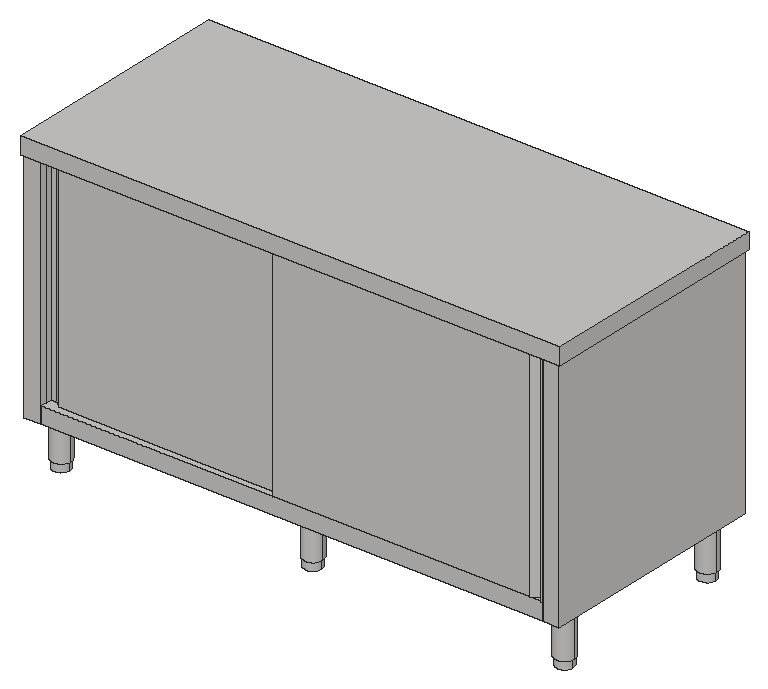
Revit family "QF_ELECTROLUXPROFESSIONAL_132784_MTND1600PN", category Attrezzature speciali, Revit 2020
Family settings
  Quota connettore circolare = Usa diametro
  Tipo di parte = Normale
  Basato su piano di lavoro = No
  Sempre verticale = Sì
  Taglio con vuoti quando caricato = No
  Condiviso = No
  Punto di calcolo locali = No
Parameters (values of type "Standard")
  Weight = 65.00 kg
  Watts = 0 W
  Volts = 0 V
  URL Manufacturer = "https://www.electroluxprofessional.com/"
  URL = "https://www.electroluxprofessional.com/"
  Steam Supply Size = 0 mm
  Steam Supply Minimum Pressure = 0.0 Pa
  Steam Supply Maximum Pressure = 0.0 Pa
  Steam Consumption per Hour = 0
  Refrigeration Suction Line Size = 0.0 mm
  Refrigeration Liquid Line Size = 0.0 mm
  Refrigerant Compressor Remote = yes
  Prospetto di default = 0.0 mm
  Produttore = "Electrolux Professional"
  Phase = 0
  Modello = "MTND1600PN"
  Length Actual = 1600.0 mm  # constant formula
  Item Number = "132784"
  Hot Water Size = 0 mm
  Height Actual = 900.0 mm  # constant formula
  HP = "0 HP"
  Gas Size = 0 mm
  Gas KW = 0
  Gas Input Pressure = 0 W
  Direct Waste Size = 0 mm
  Descrizione = "WORKTOP CUPB.PASSTH+SHELF+SLIDING D.1600"
  Depth Actual = 700.0 mm  # constant formula
  Cycle = 0 Hz
  Condensate Return Size = 0 mm
  Compressed Air Volume = 0.0 L/s
  Compressed Air Size = 0 mm
  Compressed Air Pressure = 0.0 Pa
  Cold Water Size = 0 mm
  Accessory = yes
Reference planes
  plane 1 "Center (Front/Back)": y = 0
  plane 2: z = 0
  plane 3 "Center (Left/Right)": x = -300
  plane 4 "LEFT": x = -1100
  plane 5 "RIGHT": x = 500
  plane 6 "BACK": y = 350
  plane 7 "FRONT": y = -350
  plane 8 "Base": z = 850
  plane 9 "TOP": z = 900
  plane 10: x = -1046.9
  plane 11: x = 446.9
  plane 12: y = 264.5
  plane 13: y = -264.5
  plane 14 "BodyLeft": x = -1094.5
  plane 15 "BodyFront": y = -344.5
  plane 16 "BodyRight": x = 494.5
  plane 17 "BodyBack": y = 344.5
  plane 18 "FEET": z = 150
  plane 19: x = -245.5
  plane 20: x = -354.5
Forms (mm)
  Extrusion 1, solid, material "QF_Finishes_Stainless Steel"
    sketch origin (-300, 0, 0) x (0, 1, 0) y (0, 0, 1)
      loop
        line (-350, 850) -> (350, 850) -> (350, 900) -> (-350, 900) -> (-350, 850)
    from 800 to -800
  Extrusion 2, solid, material "QF_Finishes_Stainless Steel"
    sketch origin (0, 0, 150) x (-1, 0, 0) y (0, -1, 0)
      loop
        line (1094.5, -344.5) -> (1094.5, 344.5) -> (1044.5, 344.5) -> (1044.5, -344.5) -> (1094.5, -344.5)
      loop
        line (-444.5, -344.5) -> (-444.5, 344.5) -> (-494.5, 344.5) -> (-494.5, -344.5) -> (-444.5, -344.5)
    from 0 to 700
  Extrusion 3, solid, material "QF_Finishes_Stainless Steel"
    sketch origin (0, 0, 150) x (-1, 0, 0) y (0, -1, 0)
      loop
        line (1044.5, -344.5) -> (1044.5, 344.5) -> (-444.5, 344.5) -> (-444.5, -344.5) -> (1044.5, -344.5)
    from 0 to 50
  Extrusion 4, solid, material "QF_Finishes_Stainless Steel"
    sketch origin (0, 0, 150) x (-1, 0, 0) y (0, -1, 0)
      loop
        line (-445.9, 344.5) -> (-445.9, 324.5) -> (354.5, 324.5) -> (354.5, 344.5) -> (-405.9, 344.5) -> (-425.9, 329.5) -> (-440.9, 329.5) -> (-440.9, 344.5) -> (-445.9, 344.5)
    from 50 to 700
  Extrusion 5, solid, material "QF_Finishes_Stainless Steel"
    sketch origin (0, 20, 150) x (1, 0, 0) y (0, 1, 0)
      loop
        line (-1045.9, -344.5) -> (-1040.9, -344.5) -> (-1040.9, -329.5) -> (-1025.9, -329.5) -> (-1005.9, -344.5) -> (-245.5, -344.5) -> (-245.5, -324.5) -> (-1045.9, -324.5) -> (-1045.9, -344.5)
    from 50 to 700
  Extrusion 6, solid, material "QF_Finishes_Stainless Steel"
    sketch origin (0, 0, 150) x (-1, 0, 0) y (0, -1, 0)
      loop
        line (-444.5, -344.5) -> (-439.5, -344.5) -> (-439.5, -329.5) -> (-424.5, -329.5) -> (-404.5, -344.5) -> (354.5, -344.5) -> (354.5, -324.5) -> (-444.5, -324.5) -> (-444.5, -344.5)
    from 50 to 700
  Extrusion 7, solid, material "QF_Finishes_Stainless Steel"
    sketch origin (0, -20, 150) x (1, 0, 0) y (0, 1, 0)
      loop
        line (-1044.5, 344.5) -> (-1044.5, 324.5) -> (-245.5, 324.5) -> (-245.5, 344.5) -> (-1004.5, 344.5) -> (-1024.5, 329.5) -> (-1039.5, 329.5) -> (-1039.5, 344.5) -> (-1044.5, 344.5)
    from 50 to 700
  Extrusion 8, solid, material "QF_Finishes_Stainless Steel"
    sketch origin (0, 0, 0) x (1, 0, 0) y (0, 1, 0)
      loop
        line (-1044.5, -304.5) -> (444.5, -304.5) -> (444.5, 304.5) -> (-1044.5, 304.5) -> (-1044.5, -304.5)
    from 500 to 540
Lines and regions (mm)
  symbolic lines
    curve 1: line (500, 350, 900) -> (-1100, 350, 900)
    curve 2: line (-1100, 350, 900) -> (-1100, -350, 900)
    curve 3: line (-1100, -350, 900) -> (500, -350, 900)
    curve 4: line (500, -350, 900) -> (500, 350, 900)
  symbolic lines, style "SpecialityEquipmentHiddenLines"
    curve 5: line (-1094.5, 344.5, 150) -> (494.5, 344.5, 150)
    curve 6: line (-1094.5, -344.5, 150) -> (-1094.5, 344.5, 150)
    curve 7: line (494.5, -344.5, 150) -> (-1094.5, -344.5, 150)
    curve 8: line (494.5, 344.5, 150) -> (494.5, -344.5, 150)
    curve 9: line (-1045.9, -304.5, 150) -> (-245.5, -304.5, 150)
    curve 10: line (-245.5, -304.5, 150) -> (-245.5, -324.5, 150)
    curve 11: line (-1045.9, -324.5, 150) -> (445.9, -324.5, 150)
    curve 12: line (445.9, -324.5, 150) -> (445.9, -344.5, 150)
    curve 13: line (-354.5, -324.5, 150) -> (-354.5, -344.5, 150)
    curve 14: line (-1045.9, -304.5, 150) -> (-1045.9, -324.5, 150)
Dimensions and locks
  plane 4 "LEFT" to plane 5 "RIGHT" = 1600.0 mm
  equal spacing: plane 4 "LEFT", plane 3 "Center (Left/Right)", plane 5 "RIGHT"
  locked: plane 8 "Base" to level at 850
  plane 9 "TOP" to level = 900.0 mm
  plane 6 "BACK" to plane 7 "FRONT" = 700.0 mm
  equal spacing: plane 6 "BACK", plane 1 "Center (Front/Back)", plane 7 "FRONT"
  locked: plane 4 "LEFT" to plane 14 "BodyLeft" at 5.5
  locked: plane 16 "BodyRight" to plane 5 "RIGHT" at 5.5
  locked: plane 15 "BodyFront" to plane 7 "FRONT" at 5.5
  locked: plane 6 "BACK" to plane 17 "BodyBack" at 5.5
  locked: plane 14 "BodyLeft" to plane 10 at 47.6
  locked: plane 11 to plane 16 "BodyRight" at 47.6
  locked: plane 13 to plane 15 "BodyFront" at 80
  locked: plane 17 "BodyBack" to plane 12 at 80
  plane 10 to plane 11 = 1493.8 mm
  plane 12 to plane 13 = 529.0 mm
  locked: plane 14 "BodyLeft" to Extrusion 2 sketch curve at 50
  locked: Extrusion 2 sketch curve to Extrusion 2 sketch curve at 50
  locked: plane 3 "Center (Left/Right)" to plane 19 at 54.5
  locked: plane 20 to plane 3 "Center (Left/Right)" at 54.5
  locked: plane 18 "FEET" to level at 150
  aligned and locked: level to plane 2
  aligned and locked: plane 10 to nested 1
  aligned and locked: nested 1 to plane 13
  aligned and locked: plane 11 to nested 2
  aligned and locked: nested 2 to plane 13
  aligned and locked: plane 11 to nested 4
  aligned and locked: nested 4 to plane 12
  aligned and locked: plane 10 to nested 3
  aligned and locked: nested 3 to plane 12
  aligned and locked: Extrusion 1 to plane 4 "LEFT"
  aligned and locked: plane 5 "RIGHT" to Extrusion 1
  aligned and locked: curve 2 to plane 4 "LEFT"
  aligned and locked: plane 17 "BodyBack" to Extrusion 2 sketch curve
  aligned and locked: Extrusion 2 sketch curve to plane 15 "BodyFront"
  aligned and locked: Extrusion 2 sketch curve to plane 14 "BodyLeft"
  aligned and locked: plane 16 "BodyRight" to Extrusion 2 sketch curve
  aligned and locked: Extrusion 2 sketch curve to plane 17 "BodyBack"
  aligned and locked: plane 15 "BodyFront" to Extrusion 2 sketch curve
  aligned and locked: Extrusion 3 sketch curve to plane 17 "BodyBack"
  aligned and locked: plane 15 "BodyFront" to Extrusion 3 sketch curve
  aligned and locked: plane 8 "Base" to Extrusion 2
  aligned and locked: plane 8 "Base" to Extrusion 4
  aligned and locked: Extrusion 4 to Extrusion 3
  aligned and locked: Extrusion 5 sketch curve to plane 19
  aligned and locked: Extrusion 4 sketch curve to plane 20
  aligned and locked: Extrusion 1 to plane 8 "Base"
  aligned and locked: plane 9 "TOP" to Extrusion 1
  aligned and locked: curve 5 to plane 17 "BodyBack"
  aligned and locked: plane 14 "BodyLeft" to curve 6
  aligned and locked: plane 15 "BodyFront" to curve 7
  aligned and locked: plane 16 "BodyRight" to curve 8
  aligned and locked: Extrusion 3 to Extrusion 2  (x2)
  aligned and locked: Extrusion 8 sketch curve to Extrusion 7
  aligned and locked: Extrusion 8 sketch curve to Extrusion 2  (x2)
  aligned and locked: Extrusion 8 sketch curve to Extrusion 5
  aligned and locked: plane 3 "Center (Left/Right)" to nested 5
  aligned and locked: plane 3 "Center (Left/Right)" to nested 6
Automatic sketch dimensions
  curve 3 to plane 7 "FRONT" = 0.0 mm
  curve 4 to plane 6 "BACK" = 0.0 mm
  Extrusion 1 sketch curve to plane 7 "FRONT" = 0.0 mm
  Extrusion 1 sketch curve to plane 6 "BACK" = 0.0 mm
  Extrusion 1 sketch curve to plane 8 "Base" = 0.0 mm
  Extrusion 1 sketch curve to plane 9 "TOP" = 0.0 mm
  Extrusion 3 sketch curve to plane 11 = 2.4 mm
  plane 10 to Extrusion 3 sketch curve = 2.4 mm
  Extrusion 4 sketch curve to plane 15 "BodyFront" = 0.0 mm  (x2)
  Extrusion 4 sketch curve to plane 11 = 41.0 mm
  Extrusion 4 sketch curve to plane 11 = 21.0 mm
  Extrusion 4 sketch curve to plane 11 = 6.0 mm
  Extrusion 4 sketch curve to plane 11 = 1.0 mm
  plane 15 "BodyFront" to Extrusion 4 sketch curve = 15.0 mm
  plane 15 "BodyFront" to Extrusion 4 sketch curve = 20.0 mm
  Extrusion 5 sketch curve to plane 15 "BodyFront" = 20.0 mm  (x2)
  Extrusion 5 sketch curve to plane 10 = 41.0 mm
  Extrusion 5 sketch curve to plane 10 = 21.0 mm
  Extrusion 5 sketch curve to plane 10 = 6.0 mm
  Extrusion 5 sketch curve to plane 10 = 1.0 mm
  Extrusion 5 sketch curve to Extrusion 5 sketch curve = 15.0 mm
  Extrusion 5 sketch curve to Extrusion 5 sketch curve = 20.0 mm
  curve 10 to plane 19 = 0.0 mm
  curve 13 to plane 20 = 0.0 mm
  curve 11 to plane 11 = 1.0 mm
  plane 10 to curve 11 = 1.0 mm
  plane 15 "BodyFront" to curve 9 = 40.0 mm
  curve 12 to curve 12 = 20.0 mm
  Extrusion 6 sketch curve to plane 17 "BodyBack" = 0.0 mm  (x2)
  Extrusion 6 sketch curve to plane 20 = 0.0 mm
  plane 11 to Extrusion 6 sketch curve = 42.4 mm
  plane 11 to Extrusion 6 sketch curve = 22.4 mm
  plane 11 to Extrusion 6 sketch curve = 7.4 mm
  plane 11 to Extrusion 6 sketch curve = 2.4 mm
  plane 17 "BodyBack" to Extrusion 6 sketch curve = 15.0 mm
  plane 17 "BodyBack" to Extrusion 6 sketch curve = 20.0 mm
  Extrusion 7 sketch curve to plane 19 = 0.0 mm
  Extrusion 7 sketch curve to plane 17 "BodyBack" = 20.0 mm  (x2)
  plane 10 to Extrusion 7 sketch curve = 42.4 mm
  plane 10 to Extrusion 7 sketch curve = 22.4 mm
  plane 10 to Extrusion 7 sketch curve = 7.4 mm
  plane 10 to Extrusion 7 sketch curve = 2.4 mm
  Extrusion 7 sketch curve to Extrusion 7 sketch curve = 15.0 mm
  Extrusion 7 sketch curve to Extrusion 7 sketch curve = 20.0 mm
  curve 4 to plane 5 "RIGHT" = 0.0 mm
Nested families
  nested 1: "FEET_D58-150" at (-1046.9, -264.5, 0), type "FEET_D58-150"
  nested 2: "FEET_D58-150" at (446.9, -264.5, 0), type "FEET_D58-150"
  nested 3: "FEET_D58-150" at (-1046.9, 264.5, 0), type "FEET_D58-150"
  nested 4: "FEET_D58-150" at (446.9, 264.5, 0), type "FEET_D58-150"
  nested 5: "FEET_D58-150" at (-300, -264.5, 0), type "FEET_D58-150"
  nested 6: "FEET_D58-150" at (-300, 264.5, 0), type "FEET_D58-150"
Definition of nested family "FEET_D58-150"
  Parameters
    Default Elevation = 0.0 mm
    FEET = 150.0 mm
  Reference planes
    plane 1 "Center (Front/Back)": y = 0
    plane 2: z = 0
    plane 3 "Center (Left/Right)": x = 0
    plane 4: z = 150
  Forms (mm)
    Extrusion 1, solid
      sketch origin (0, 0, 0) x (1, 0, 0) y (0, 1, 0)
        loop
          circle (0, 0) r 25
      from 0 to 25
    Extrusion 2, solid
      sketch origin (0, 0, 0) x (1, 0, 0) y (0, 1, 0)
        loop
          circle (0.061, 0) r 29
      from 25 to 150 <- "FEET"
  Lines and regions (mm)
    symbolic lines
      curve 1: line (0, -1.503, 0) -> (0, 1.508, 0)
      curve 2: line (1.561, 0, 0) -> (-1.439, 0, 0)
  Dimensions and locks
    "FEET": plane 4 to plane 2
    aligned and locked: level to plane 2
  Automatic sketch dimensions
    plane 1 "Center (Front/Back)" to Extrusion 1 sketch curve = 0.0 mm
    Extrusion 1 sketch curve to plane 3 "Center (Left/Right)" = 0.0 mm
    plane 1 "Center (Front/Back)" to curve 2 = 0.0 mm
    curve 1 to plane 3 "Center (Left/Right)" = 0.0 mm
    curve 2 to plane 3 "Center (Left/Right)" = 1.439 mm
    plane 3 "Center (Left/Right)" to curve 2 = 1.561 mm
    plane 1 "Center (Front/Back)" to curve 1 = 1.503 mm
    curve 1 to plane 1 "Center (Front/Back)" = 1.508 mm
    plane 1 "Center (Front/Back)" to Extrusion 2 sketch curve = 0.0 mm
    plane 3 "Center (Left/Right)" to Extrusion 2 sketch curve = 0.061 mm
    radius of Extrusion 1 sketch curve = 25.0 mm
    radius of Extrusion 2 sketch curve = 29.0 mm
